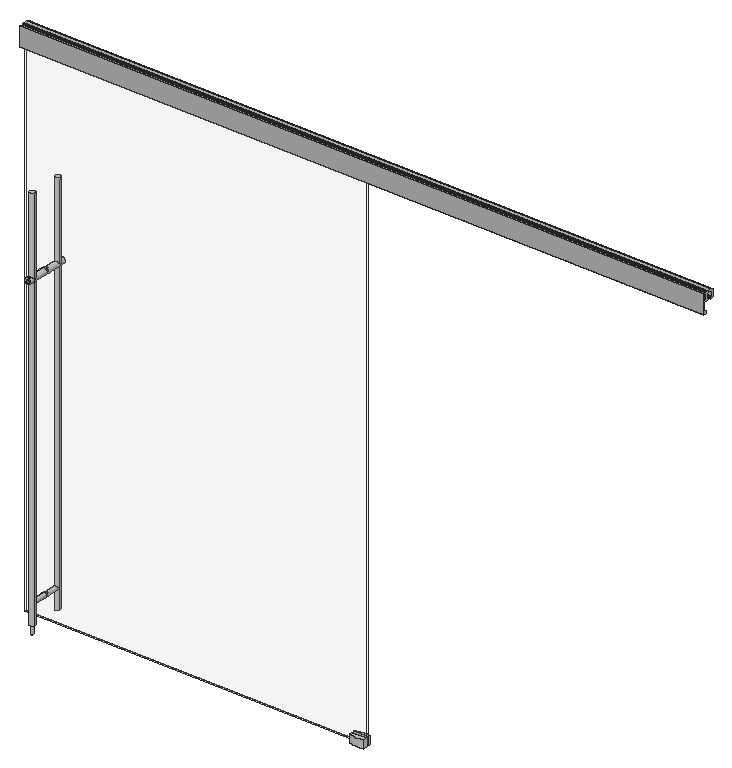
Revit family "Doors_Sliding_Avanti_Systems_Cloud-Assisted-Close-Premium-Sliding-Glass-Door_Solid-Wall", category Doors, host Wall, Revit 2015
Parameters (values of type "Load Family Type Catalog")
  Youtube clip = ""
  Weight Net (Kg) = "0"
  Warranty = "1 year"  # constant formula
  Uniformat II Description = "Interior Doors"
  Uniformat II Code = "C1020"
  Uniclass 2015 Name = "Sliding door and partition sets"
  Uniclass 2015 Code = "Pr_30_59_24_80"
  Uniclass 2.0 Description = "Sliding Door And Partition Sets"
  Uniclass 2.0 Code = "PR-59-23-77"
  Uniclass 1.4 Description = "Doors"
  Uniclass 1.4 Code = "JL20"
  URL = "www.avantisystemsusa.com"
  UNSPSC Code = "30171501"
  Type = 2
  Thickness = if(Type = 1, 1/2", if(Type = 2, 3/8", if(Type = 3, 9/16", 9/16")))  # 3/8"
  Technical description = ""
  Sound Rating = 0
  Region South America = "All"
  Region Oceania = "All"
  Region North America = "All"
  Region Middle East = "All"
  Region Europe = "All"
  Region Asia = "All"
  Region Antarctica = "All"
  Region Africa = "All"
  Rail material [instance] = Polyester powder - Avanti - White aluminium METALLIC - RAL9006
  Rail Length [instance] = (Door Width + 3") * 2  # 106"
  QR code = "http://bimobject.com/avantisystems/product/avanti-cloud-assisted-close"
  Product url = "https://www.avantisystemsusa.com/glass-products/doors/sliding-doors/assisted-close/"
  Product group = "Assisted Close"
  Product family = "Sliding Doors"
  Product data url = "https://bimobject.com/avantisystems/product/avanti-cloud-assisted-close"
  Product certification = ""
  Product SKU = "avanti-cloud-assisted-close"
  Product Guid = "9d9dc9e6-079c-47eb-8ec1-d69015d0589f"
  OmniClass Description = "Sliding All Glass Doors"
  OmniClass Code = "23-17 11 23 13"
  Offset from wall = 5/8"  # constant formula
  Nominal width = 0"
  Nominal height = 0"
  NBS Reference Description = "Sliding Door And Partition Sets"
  NBS Reference Code = "59-23-77"
  Model = "Cloud ™ Assisted Close Premium Sliding Glass Door"  # constant formula
  Material secondary = "Aluminium"
  Material main = "Glass"
  Masterformat 2014 Description = "Sliding Aluminum-Framed Glass Doors"
  Masterformat 2014 Code = "08 32 13"
  Manufacturer name = "Avanti Systems"
  Manufacturer country = ""
  Manufacturer = "Avanti Systems USA"  # constant formula
  Ladder Pull Height [instance] = 18"
  Installation instructions = ""
  IFC Classification = "Door"
  Hardware material [instance] = Stainless Steel - Avanti- Brushed Finish
  Handle type [instance] = Handle : 60" Ladder Pull
  Glazing = "Safety Glazing SGCC"  # constant formula
  Glass_Panel_Thickness = if(Type = 1, 1/2", if(Type = 2, 3/8", 9/16"))  # 3/8"
  Glass material = Glass - Avanti - Laminated Glass
  Glass Width [instance] = 53"
  Glass Marker = yes
  Glass Height [instance] = 79.98642"
  Function = Interior
  Frame Projection Ext. = 0.98425"
  Frame Projection Int. = 0.98425"
  Frame Width = 2.95276"
  Height = 78.74016"
  Wall Closure = By host
  Width = 39.37008"
  Edition number = 1
  EAN code = ""
  Door Width [instance] = 50"
  Door Height [instance] = 82"
  Design country = "United States"
  Description = "Premium automated interior sliding glass door which can be integrated int the Solare Single Glazed, Solare Double Glazed, Elite Frree standing and a solid traditional wall."  # constant formula
  Date of publishing = ""
  Clear Anodic Finish = "AAMA 611, AA-M12c22A31, Class II, 0.01mm or thicker"  # constant formula
  COBIe Type Category = ""
  Brand url = "http://www.avantisystemsusa.com/"
  BIMobject main category code = "doors"
  BIMobject main category = "Doors"
  BIMobject category code = "doors-sliding"
  BIMobject category = "Sliding"
  Analytic Construction = "<None>"
Reference planes (in)
  plane 1: y = 0
  plane 2 "Center (Left/Right)": x = 0
  plane 3 "Left": x = -25
  plane 4 "Right": x = 25
  plane 5: z = 82
  plane 6 "Exterior": y = 2.95276
  plane 7 "Interior": y = -2.95276
  plane 8: x = 26.5
  plane 9: x = -26.5
  plane 10 "Door back": y = -3.39026
  plane 11 "Door center": y = -3.57776
  plane 12: y = -3.76526
  plane 13 "Handle": x = -23.5
  plane 14: z = 0.1875
  plane 15: z = 80.17392
  plane 16: x = 79.5
  plane 17: x = -21.25
  plane 18: x = 21.25
  plane 19: z = 18
  plane 20: z = 41
Forms (in)
  Extrusion 1, solid, material "Glass - Avanti - Laminated Glass" <- "Glass material"
    sketch origin (0, 0, 0) x (1, 0, 0) y (0, 1, 0)
      loop
        line (-26.5, -3.39026) -> (-26.5, -3.76526) -> (26.5, -3.76526) -> (26.5, -3.39026) -> (-26.5, -3.39026)
    from 0.1875 to 80.17392
  Sweep 2, solid, material "Polyester powder - Avanti - White aluminium METALLIC - RAL9006" <- "Rail material"
    path origin (0, -2.95276, 0) x (1, 0, 0) y (0, 0, 1)
      loop
        line (-26.5, 82) -> (79.5, 82)
    profile origin (26.5, -2.95276, 82) x (0, 0, 1) y (0, -1, 0)
      loop
        line (-0.11928, 0) -> (-0.11928, 0.11283) -> (0, 0.11283) -> (0, 0.17168) -> (-0.21219, 0.17168) -> (-0.17065, 0.30764) -> (0, 0.36785) -> (0, 0.92758) -> (-0.13574, 0.97548) -> (-0.19467, 1.16822) -> (0, 1.16822) -> (0, 1.22708) -> (-0.11743, 1.22708) -> (-0.11743, 1.70177) -> (-3.00502, 1.70177) -> (-3.00502, 1.30943) -> (-2.57348, 1.30943) -> (-2.57348, 1.4389) -> (-2.94617, 1.4389) -> (-2.94617, 1.64292) -> (-1.29473, 1.64292) -> (-1.29473, 0.92909) -> (-1.22214, 0.86056) -> (-1.1508, 0.86056) -> (-1.19742, 0.92473) -> (-1.15232, 1.08205) -> (-1.00987, 1.20158) -> (-0.33616, 1.20158) -> (-0.25109, 0.92333) -> (-0.2834, 0.89213) -> (-0.26972, 0.84104) -> (-0.14516, 0.84104) -> (-0.14516, 0.40863) -> (-0.26972, 0.40863) -> (-0.2834, 0.35754) -> (-0.25109, 0.32634) -> (-0.32536, 0.08341) -> (-1.05211, 0.08341) -> (-1.15227, 0.16745) -> (-1.19743, 0.32494) -> (-1.15087, 0.38903) -> (-1.22615, 0.38903) -> (-1.29473, 0.32045) -> (-1.29473, 0) -> (-0.11928, 0)
      loop
        line (-0.17235, 1.33105) -> (-0.17235, 1.64292) -> (-1.09311, 1.64292) -> (-1.09311, 1.33105) -> (-0.17235, 1.33105)
Lines and regions (in)
  Opening 1
    outline origin (-120.07874, -2.95276, 0) x (1, 0, 0) y (0, 0, 1)
      loop
        line (95.07874, 0) -> (145.07874, 0) -> (145.07874, 80.17392) -> (95.07874, 80.17392) -> (95.07874, 0)
  symbolic lines, style "0", detail levels medium+fine
    curve 1: circle (-23.5, -1.11635, 0) r 0.39445 normal (0, 0, 1)
    curve 2: line (-23.81001, -1.36025, 0) -> (-23.81001, -3.39026, 0)
    curve 3: line (-23.18699, -1.35638, 0) -> (-23.18699, -3.39026, 0)
    curve 7: circle (-23.5, -6.03916, 0) r 0.39445 normal (0, 0, -1)
    curve 8: line (-23.81001, -5.79526, 0) -> (-23.81001, -3.76526, 0)
    curve 9: line (-23.18699, -5.79913, 0) -> (-23.18699, -3.76526, 0)
  symbolic lines, style "0", not visible, detail levels medium+fine
    curve 4: circle (20.74894, 4.89891, -0.1875) r 0.39445 normal (0, 0, 1)
    curve 5: line (20.43894, 4.65501, -0.1875) -> (20.43894, 2.625, -0.1875)
    curve 6: line (21.06195, 4.65887, -0.1875) -> (21.06195, 2.625, -0.1875)
  symbolic lines, style "0"
    curve 10: line (0, -3.39026, 0.1875) -> (0, -3.39026, 80.17392)
    curve 11: line (0, -3.39026, 80.17392) -> (0, -3.76526, 80.17392)
    curve 12: line (0, -3.76526, 80.17392) -> (0, -3.76526, 0.1875)
    curve 13: line (-26.5, -3.39026, 0) -> (26.5, -3.39026, 0)
    curve 14: line (-26.5, -3.76526, 0) -> (26.5, -3.76526, 0)
    curve 15: line (26.5, -3.39026, 0) -> (26.5, -3.76526, 0)
    curve 16: line (-26.5, -3.39026, 0) -> (-26.5, -3.76526, 0)
    curve 17: line (24.25414, -4.15234, 0) -> (24.25414, -3.04008, 0)
    curve 18: line (26.5, -4.15234, 0) -> (26.5, -3.04487, 0)
    curve 19: circle (24.51717, -3.57776, 0) r 0.22256 normal (0, 0, 1)
    curve 20: circle (24.51717, -3.57776, 0) r 0.13151 normal (0, 0, 1)
    curve 21: circle (26.23697, -3.57776, 0) r 0.22256 normal (0, 0, 1)
    curve 22: circle (26.23697, -3.57776, 0) r 0.13151 normal (0, 0, 1)
    curve 23: arc (25.84199, -3.95207, 0) -> (25.97394, -3.57776, 0) -> (25.84199, -3.20345, 0) r 0.59687
    curve 24: arc (24.91215, -3.20345, 0) -> (24.7802, -3.57776, 0) -> (24.91215, -3.95207, 0) r 0.59687
    curve 25: arc (26.5, -3.04487, 0) -> (25.37747, -2.85348, 0) -> (24.25414, -3.04008, 0) r 3.43052
    curve 26: line (26.5, -3.20345, 0) -> (24.25414, -3.20345, 0)
    curve 27: line (26.5, -3.95207, 0) -> (24.25414, -3.95207, 0)
    curve 28: arc (26.5, -4.15234, 0) -> (25.37707, -4.35467, 0) -> (24.25414, -4.15234, 0) r 3.2173
  symbolic lines, style "0", not visible
    curve 29: line (-11.39483, 5.74957, 0) -> (-11.39483, 4.63731, 0)
    curve 30: line (-13.64069, 5.74957, 0) -> (-13.64069, 4.6421, 0)
    curve 31: circle (-11.65786, 5.17499, 0) r 0.22256 normal (0, 0, 1)
    curve 32: circle (-11.65786, 5.17499, 0) r 0.13151 normal (0, 0, 1)
    curve 33: circle (-13.37767, 5.17499, 0) r 0.22256 normal (0, 0, 1)
    curve 34: circle (-13.37767, 5.17499, 0) r 0.13151 normal (0, 0, 1)
    curve 35: arc (-12.98268, 5.5493, 0) -> (-13.11464, 5.17499, 0) -> (-12.98268, 4.80068, 0) r 0.59687
    curve 36: arc (-12.05285, 4.80068, 0) -> (-11.92089, 5.17499, 0) -> (-12.05285, 5.5493, 0) r 0.59687
    curve 37: arc (-13.64069, 4.6421, 0) -> (-12.51817, 4.45071, 0) -> (-11.39483, 4.63731, 0) r 3.43052
    curve 38: line (-13.64069, 4.80068, 0) -> (-11.39483, 4.80068, 0)
    curve 39: line (-13.64069, 5.5493, 0) -> (-11.39483, 5.5493, 0)
    curve 40: arc (-13.64069, 5.74957, 0) -> (-12.51776, 5.9519, 0) -> (-11.39483, 5.74957, 0) r 3.2173
  symbolic lines, visible <- "Glass Marker"
    curve 41: line (-2.82843, -0.24998, 38.17157) -> (2.82843, -0.24998, 43.82843)
    curve 42: line (0, -0.24998, 39.15204) -> (1.84796, -0.24998, 41)
    curve 43: line (-1.84796, -0.24998, 41) -> (0, -0.24998, 42.84796)
  symbolic lines, not visible
    curve 44: line (-1.84796, 0.25002, 41) -> (1.84796, 0.25002, 41)
    curve 49: line (-1.84534, 0.25002, 22.66367) -> (1.85057, 0.25002, 22.66367)
    curve 54: line (-23.81001, -3.39026, 0) -> (-23.40278, -3.39026, 0)
    curve 55: line (20.43894, 2.625, -0.1875) -> (20.84616, 2.625, -0.1875)
    curve 56: line (-23.81001, -3.76526, 0) -> (-23.40278, -3.76526, 0)
    curve 57: line (24.38565, -3.57776, 0) -> (24.53904, -3.57776, 0)
    curve 58: line (-11.52635, 5.17499, 0) -> (-11.67973, 5.17499, 0)
  model lines, not visible
    curve 45: line (0, 0.25002, 39.15204) -> (0, 0.25002, 42.84796)
    curve 50: line (0.00262, 0.25002, 20.81572) -> (0.00262, 0.25002, 24.51163)
    curve 51: line (-23.5, -2.71454, 0) -> (-23.5, -2.40373, 0)
    curve 52: line (20.74894, 3.30071, -0.1875) -> (20.74894, 3.61153, -0.1875)
    curve 53: line (-23.5, -4.44097, 0) -> (-23.5, -4.75179, 0)
  symbolic lines, visible <- "Glass Marker", not visible
    curve 46: line (-2.82581, -0.24998, 19.83525) -> (2.83104, -0.24998, 25.4921)
    curve 47: line (0.00262, -0.24998, 20.81572) -> (1.85057, -0.24998, 22.66367)
    curve 48: line (-1.84534, -0.24998, 22.66367) -> (0.00262, -0.24998, 24.51163)
Text (in)
  text "Exterior" at (-90.35496, 43.28909, 0), in view "Ref. Level"
  text "Exterior" at (0, 63.59764, 145.59372), in view "Left"
  text "Exterior" at (0, 40.78868, 152.55637), in view "Right"
Dimensions and locks (in)
  equal spacing: plane 3 "Left", plane 2 "Center (Left/Right)", plane 4 "Right"
  "Door Width": plane 3 "Left" to plane 4 "Right"
  "Door Height": plane 5 to host wall
  host wall to plane 5 = 82"  (x2)
  locked: plane 6 "Exterior" to host wall at 0
  locked: plane 7 "Interior" to host wall
  locked: plane 4 "Right" to plane 8 at 1.5
  locked: plane 9 to plane 3 "Left" at 1.5
  equal spacing: plane 10 "Door back", plane 11 "Door center", plane 12
  "Glass_Panel_Thickness": plane 10 "Door back" to plane 12
  "Offset from wall": plane 11 "Door center" to plane 7 "Interior"
  plane 14 to level = 3/16"
  locked: plane 5 to plane 15 at 1.82608
  "Rail Length": plane 9 to plane 16
  locked: plane 9 to plane 17 at 5.25
  locked: plane 18 to plane 8 at 5.25
  "Ladder Pull Height": plane 19 to level
  plane 10 "Door back" to plane 12 = 3/8"  (x2)
  locked: plane 9 to plane 13 "Handle" at 3
  equal spacing: plane 5, plane 20, level
  locked: nested 6 to curve 44 at 7
  "Glass Width": plane 9 to plane 8
  "Glass Height": plane 15 to plane 14
  aligned and locked: plane 3 "Left" to Opening 1 sketch curve
  aligned and locked: Opening 1 sketch curve to plane 4 "Right"
  aligned and locked: Opening 1 sketch curve to level
  aligned and locked: plane 1 to host wall
  aligned and locked: Extrusion 1 sketch curve to plane 9
  aligned and locked: Extrusion 1 sketch curve to plane 10 "Door back"
  aligned and locked: Extrusion 1 sketch curve to plane 12
  aligned and locked: nested 1 to plane 5
  aligned and locked: Extrusion 1 to plane 14
  aligned and locked: plane 5 to Sweep 2 sketch curve
  aligned and locked: plane 9 to Sweep 2 sketch curve
  aligned and locked: plane 15 to Extrusion 1
  aligned and locked: plane 16 to Sweep 2 sketch curve
  aligned and locked: nested 2 to nested 1
  aligned and locked: nested 2 to plane 11 "Door center"
  aligned and locked: nested 2 to plane 17
  aligned and locked: nested 3 to plane 18
  aligned and locked: nested 3 to nested 2
  aligned and locked: plane 11 "Door center" to nested 3
  aligned and locked: plane 9 to Extrusion 1
  aligned and locked: Extrusion 1 to plane 10 "Door back"
  aligned and locked: Extrusion 1 to plane 12
  aligned and locked: curve 10 to Extrusion 1
  aligned and locked: curve 11 to Extrusion 1
  aligned and locked: curve 12 to Extrusion 1
  aligned and locked: plane 15 to curve 12
  aligned and locked: Extrusion 1 to plane 8
  aligned and locked: Opening 1 sketch curve to plane 15
  aligned and locked: curve 18 to plane 8
  aligned and locked: nested 4 to plane 8
  aligned and locked: nested 4 to plane 12
  aligned and locked: curve 45 to plane 2 "Center (Left/Right)"
  aligned and locked: plane 20 to curve 44
  aligned and locked: plane 11 "Door center" to nested 1
  aligned and locked: Sweep 2 sketch curve to profile plane
  aligned and locked: plane 2 "Center (Left/Right)" to nested 5
  aligned and locked: nested 6 to plane 2 "Center (Left/Right)"
  aligned and locked: curve 51 to plane 13 "Handle"
  aligned and locked: plane 13 "Handle" to curve 53
  aligned and locked: curve 54 to plane 10 "Door back"
  aligned and locked: curve 56 to plane 12
  aligned and locked: nested 4 to plane 11 "Door center"
  aligned and locked: curve 57 to plane 11 "Door center"
  aligned and locked: level to nested 7
  aligned and locked: plane 12 to nested 7
  aligned and locked: plane 13 "Handle" to nested 7
Automatic sketch dimensions
  profile plane to Sweep 2 sketch curve = 0"  (x3)
  profile plane to Sweep 2 sketch curve = 0.11743"
  profile plane to Sweep 2 sketch curve = 0.11928"
  profile plane to Sweep 2 sketch curve = 0.13574"
  Sweep 2 sketch curve to Sweep 2 sketch curve = 0.00942"
  Sweep 2 sketch curve to Sweep 2 sketch curve = 0.02549"
  Sweep 2 sketch curve to Sweep 2 sketch curve = 0.05492"
  Sweep 2 sketch curve to Sweep 2 sketch curve = 0.07724"
  Sweep 2 sketch curve to Sweep 2 sketch curve = 0.09291"
  Sweep 2 sketch curve to Sweep 2 sketch curve = 0.08044"
  Sweep 2 sketch curve to Sweep 2 sketch curve = 0.11535"
  Sweep 2 sketch curve to Sweep 2 sketch curve = 0.01863"  (x2)
  Sweep 2 sketch curve to Sweep 2 sketch curve = 0.03231"  (x2)
  Sweep 2 sketch curve to Sweep 2 sketch curve = 0.11316"
  Sweep 2 sketch curve to Sweep 2 sketch curve = 0.14149"
  Sweep 2 sketch curve to Sweep 2 sketch curve = 0.67371"
  Sweep 2 sketch curve to Sweep 2 sketch curve = 0.08324"
  Sweep 2 sketch curve to Sweep 2 sketch curve = 0.14093"
  plane 7 "Interior" to Sweep 2 sketch curve = 0.38903"
  Sweep 2 sketch curve to Sweep 2 sketch curve = 0.00006"
  plane 7 "Interior" to Sweep 2 sketch curve = 0.16745"
  Sweep 2 sketch curve to Sweep 2 sketch curve = 0.00141"
  Sweep 2 sketch curve to Sweep 2 sketch curve = 0.14245"
  Sweep 2 sketch curve to Sweep 2 sketch curve = 0.04662"
  plane 7 "Interior" to Sweep 2 sketch curve = 0.32494"
  Sweep 2 sketch curve to Sweep 2 sketch curve = 0.04656"
  Sweep 2 sketch curve to Sweep 2 sketch curve = 0.02472"
  Sweep 2 sketch curve to Sweep 2 sketch curve = 0.02873"
  Sweep 2 sketch curve to Sweep 2 sketch curve = 0.20162"
  plane 7 "Interior" to Sweep 2 sketch curve = 0.32045"
  Sweep 2 sketch curve to Sweep 2 sketch curve = 0.06857"
  Sweep 2 sketch curve to Sweep 2 sketch curve = 1.27875"
  Sweep 2 sketch curve to Sweep 2 sketch curve = 0.37269"
  Sweep 2 sketch curve to Sweep 2 sketch curve = 0.05885"  (x3)
  plane 7 "Interior" to Sweep 2 sketch curve = 0.11283"
  Sweep 2 sketch curve to Sweep 2 sketch curve = 0.13595"
  Sweep 2 sketch curve to Sweep 2 sketch curve = 0.0187"
  Sweep 2 sketch curve to Sweep 2 sketch curve = 0.0312"  (x2)
  Sweep 2 sketch curve to Sweep 2 sketch curve = 0.06021"
  Sweep 2 sketch curve to Sweep 2 sketch curve = 0.05109"  (x2)
  Sweep 2 sketch curve to Sweep 2 sketch curve = 0.4324"
  Sweep 2 sketch curve to Sweep 2 sketch curve = 0.47153"
  Sweep 2 sketch curve to Sweep 2 sketch curve = 0.06417"
  Sweep 2 sketch curve to Sweep 2 sketch curve = 0.08654"
  Sweep 2 sketch curve to Sweep 2 sketch curve = 0.00436"
  Sweep 2 sketch curve to Sweep 2 sketch curve = 0.05215"
  Sweep 2 sketch curve to Sweep 2 sketch curve = 0.15732"
  Sweep 2 sketch curve to Sweep 2 sketch curve = 0.19274"
  Sweep 2 sketch curve to Sweep 2 sketch curve = 0.11952"
  Sweep 2 sketch curve to Sweep 2 sketch curve = 0.05886"
  plane 7 "Interior" to Sweep 2 sketch curve = 1.30943"
  Sweep 2 sketch curve to Sweep 2 sketch curve = 0.10397"
  Sweep 2 sketch curve to Sweep 2 sketch curve = 0.12946"
  Sweep 2 sketch curve to Sweep 2 sketch curve = 0.31188"
  Sweep 2 sketch curve to Sweep 2 sketch curve = 0"
  Sweep 2 sketch curve to Sweep 2 sketch curve = 0.10016"
  plane 7 "Interior" to Sweep 2 sketch curve = 0.08341"
  Extrusion 1 sketch curve to plane 4 "Right" = 1 1/2"
  curve 16 to plane 12 = 0"
  curve 13 to plane 10 "Door back" = 0"
  curve 10 to plane 14 = 0"
  curve 12 to plane 14 = 0"
  curve 14 to plane 8 = 0"
  curve 16 to plane 9 = 0"
  curve 51 to curve 1 = 0"
  curve 54 to curve 51 = 0.31001"
  curve 2 to curve 54 = 0.40722"
  curve 54 to curve 3 = 0.21579"
  curve 3 to curve 1 = 0.24003"
  curve 51 to curve 2 = 1.04348"
  curve 51 to curve 51 = 0.31082"
  curve 54 to curve 51 = 0.67571"
  curve 54 to curve 3 = 0"
  curve 52 to curve 4 = 0"
  curve 55 to curve 52 = 0.31001"
  curve 5 to curve 55 = 0.40722"
  curve 55 to curve 6 = 0.21579"
  curve 6 to curve 4 = 0.24003"
  curve 52 to curve 5 = 1.04348"
  curve 52 to curve 52 = 0.31082"
  curve 55 to curve 52 = 0.67571"
  curve 55 to curve 6 = 0"
  curve 53 to curve 7 = 0"
  curve 56 to curve 53 = 0.31001"
  curve 8 to curve 56 = 0.40722"
  curve 56 to curve 9 = 0.21579"
  curve 7 to curve 9 = 0.24003"
  curve 8 to curve 53 = 1.04348"
  curve 53 to curve 53 = 0.31082"
  curve 53 to curve 56 = 0.67571"
  curve 56 to curve 9 = 0"
  curve 19 to curve 20 = 0"  (x4)
  curve 21 to curve 22 = 0"  (x4)
  curve 23 to curve 24 = 0"  (x4)
  curve 26 to curve 22 = 0.26303"
  curve 21 to curve 24 = 0.8599"
  curve 18 to curve 28 = 1.12293"
  curve 28 to curve 25 = 1.12984"
  curve 23 to curve 20 = 0.8599"
  curve 19 to curve 17 = 0.26303"
  curve 28 to curve 17 = 1.90271"
  curve 17 to curve 18 = 0.00479"
  curve 25 to curve 22 = 0.53289"
  curve 24 to curve 21 = 0"
  curve 17 to curve 20 = 0.53768"
  curve 21 to curve 18 = 0.57458"
  curve 21 to curve 23 = 0.39498"  (x2)
  curve 24 to curve 19 = 0.39498"
  curve 57 to curve 19 = 0.02187"
  curve 19 to curve 57 = 0.13151"
  curve 25 to curve 26 = 0.15858"
  curve 57 to curve 19 = 0"
  curve 31 to curve 32 = 0"  (x4)
  curve 33 to curve 34 = 0"  (x4)
  curve 35 to curve 36 = 0"  (x4)
  curve 38 to curve 34 = 0.26303"
  curve 33 to curve 36 = 0.8599"
  curve 30 to curve 40 = 1.12293"
  curve 40 to curve 37 = 1.12984"
  curve 35 to curve 32 = 0.8599"
  curve 31 to curve 29 = 0.26303"
  curve 40 to curve 29 = 1.90271"
  curve 29 to curve 30 = 0.00479"
  curve 37 to curve 34 = 0.53289"
  curve 36 to curve 33 = 0"
  curve 29 to curve 32 = 0.53768"
  curve 33 to curve 30 = 0.57458"
  curve 33 to curve 35 = 0.39498"  (x2)
  curve 36 to curve 31 = 0.39498"
  curve 58 to curve 31 = 0.02187"
  curve 31 to curve 58 = 0.13151"
  curve 37 to curve 38 = 0.15858"
  curve 58 to curve 31 = 0"
  radius of curve 19 = 0.22256"
  radius of curve 21 = 0.22256"
  radius of curve 22 = 0.13151"
  radius of curve 31 = 0.22256"
  radius of curve 33 = 0.22256"
  radius of curve 34 = 0.13151"
Nested families (in)
  nested 1: "Trolley" at (0, -3.57776, 82) x (0, -1, 0) z (1, 0, 0), type "Trolley_section"
    with Thickness 3/8", Side width 0.22461"
  nested 2: "Sidelite Transom Fitting" at (-21.25, -3.57776, 79.17435), type "Sidelite Transom Fitting"
    with Thickness 3/8", Side Width 0.22461"
  nested 3: "Sidelite Transom Fitting" at (21.25, -3.57776, 79.17435) x (-1, 0, 0) z (0, 0, 1), type "Sidelite Transom Fitting"
    with Thickness 3/8", Side Width 0.22461"
  nested 4: "Right Bumper" at (24.25414, -4.39492, 0), Handle and assembly material <- "Hardware material", type "Right Bumper"
    with Handle and assembly material Stainless Steel - Avanti- Brushed Finish, Thickness 3/8"
  nested 5: "Arrow" at (0, -1.07776, 0) x (-1, 0, 0) z (0, 0, 1), type "arrow"
  nested 6: "Arrow" at (0, 2.95276, 48) x (-1, 0, 0) z (0, -1, 0), type "arrow"
  nested 7: "Handle" at (-21.875, -2.01526, 38) x (-1, 0, 0) z (0, 1, 0), type <- "Handle type", type "60" Ladder Pull", detail levels medium+fine
    with Locker yes, Thickness 3/8"
Definition of nested family "Sidelite Transom Fitting"
  Parameters (values of type "Sidelite Transom Fitting")
    Thickness = 1/2"
    Side Width = (211/256" - Thickness) / 2  # 0.16211"
    Material = none
  Reference planes (in)
    plane 1 "Center (Front/Back)": y = 0
    plane 2: z = 0
    plane 3 "Center (Left/Right)": x = 0
  Forms (in)
    Revolve 1, solid, material <- "Material"
      sketch origin (0, 0, 2.82565) x (0, 1, 0) y (0, 0, 1)
        loop
          line (-0.45453, -0.75278) -> (-0.2116, -0.75278) -> (-0.2116, -0.40613) -> (-0.29006, -0.32767) -> (-0.34034, -0.32767) -> (-0.45453, -0.37648) -> (-0.45453, -0.75278)
        axis (-0.45453, -0.75278) -> (-0.2116, -0.75278)
      angle from 0 to 360
    Revolve 2, solid, material <- "Material"
      sketch origin (0, 0, 2.82565) x (0, -1, 0) y (0, 0, -1)
        loop
          line (-0.45453, 0.75278) -> (-0.45453, 0.37648) -> (-0.34034, 0.32767) -> (-0.29006, 0.32767) -> (-0.2116, 0.40613) -> (-0.2116, 0.75278) -> (-0.45453, 0.75278)
        axis (-0.45453, 0.75278) -> (-0.2116, 0.75278)
      angle from 0 to 360
    Revolve 3, solid, material <- "Material"
      sketch origin (0, 0, 2.82565) x (0, 1, 0) y (0, 0, 1)
        loop
          line (0, -0.26792) -> (0, -1.78574) -> (0.26651, -1.78574) -> (0.26651, -1.632) -> (0.15099, -1.632) -> (0.15099, -1.34693) -> (0.19488, -1.34693) -> (0.19488, -0.61026) -> (0.29006, -0.61026) -> (0.29006, -0.5191) -> (0.16124, -0.5191) -> (0.16124, -0.27074) -> (0, -0.26792)
        axis (0, -0.26792) -> (0, -1.78574)
      angle from 0 to 360
    Extrusion 4, solid, material <- "Material"
      sketch origin (0, 0, 2.82565) x (0, 1, 0) y (0, 0, 1)
        loop
          line (-0.33427, -1.82608) -> (-0.41211, -1.82608) -> (-0.41211, -2.82565) -> (-0.25, -2.82565) -> (-0.25, -1.82497) -> (0.25, -1.82497) -> (0.25, -2.82565) -> (0.41211, -2.82565) -> (0.41211, -1.82497) -> (0.3052, -1.82497) -> (0.3052, -1.78574) -> (-0.33427, -1.78574) -> (-0.33427, -1.82608)
      from -2.0625 to 2.0625
  Dimensions and locks (in)
    "Side Width": Extrusion 4 to Extrusion 4  (x2)
    locked: Extrusion 4 to plane 1 "Center (Front/Back)" at 0.41211
    aligned and locked: level to plane 2
  Automatic sketch dimensions
    plane 1 "Center (Front/Back)" to Revolve 1 sketch curve = 0.45453"
    Revolve 1 sketch curve to Revolve 1 sketch curve = 0.1142"
    Revolve 1 sketch curve to Revolve 1 sketch curve = 0.05027"
    Revolve 1 sketch curve to Revolve 1 sketch curve = 0.07847"
    level to Revolve 1 sketch curve = 2.07286"
    Revolve 1 sketch curve to Revolve 1 sketch curve = 0.34665"
    Revolve 1 sketch curve to Revolve 1 sketch curve = 0.02966"
    Revolve 1 sketch curve to Revolve 1 sketch curve = 0.04881"
    Revolve 1 sketch curve to Revolve 1 sketch curve = 0"  (x3)
    Revolve 2 sketch curve to plane 1 "Center (Front/Back)" = 0.45453"
    Revolve 2 sketch curve to Revolve 2 sketch curve = 0.1142"
    Revolve 2 sketch curve to Revolve 2 sketch curve = 0.05027"
    Revolve 2 sketch curve to Revolve 2 sketch curve = 0.07847"  (x2)
    level to Revolve 2 sketch curve = 2.49798"
    Revolve 2 sketch curve to Revolve 2 sketch curve = 0.04881"
    Revolve 2 sketch curve to Revolve 2 sketch curve = 0.34665"
    Revolve 2 sketch curve to Revolve 2 sketch curve = 0"  (x3)
    Revolve 3 sketch curve to plane 1 "Center (Front/Back)" = 0"  (x2)
    Revolve 3 sketch curve to plane 1 "Center (Front/Back)" = 0.15099"
    Revolve 3 sketch curve to plane 1 "Center (Front/Back)" = 0.16124"
    Revolve 3 sketch curve to Revolve 3 sketch curve = 0.04389"
    Revolve 3 sketch curve to Revolve 3 sketch curve = 0.11551"
    Revolve 3 sketch curve to Revolve 3 sketch curve = 0.09519"
    level to Revolve 3 sketch curve = 1.03991"
    Revolve 3 sketch curve to Revolve 3 sketch curve = 0.15374"
    Revolve 3 sketch curve to Revolve 3 sketch curve = 0.28507"
    Revolve 3 sketch curve to Revolve 3 sketch curve = 0.73667"
    Revolve 3 sketch curve to Revolve 3 sketch curve = 0.09116"
    Revolve 3 sketch curve to Revolve 3 sketch curve = 0.24836"
    Revolve 3 sketch curve to Revolve 3 sketch curve = 0.00282"
    Revolve 3 sketch curve to level = 75.91451"
    Revolve 3 sketch curve to Revolve 3 sketch curve = 79.00808"
    Extrusion 4 sketch curve to level = 0"  (x2)
    plane 1 "Center (Front/Back)" to Extrusion 4 sketch curve = 0.41211"
    Extrusion 4 sketch curve to Extrusion 4 sketch curve = 0.07784"
    Extrusion 4 sketch curve to Extrusion 4 sketch curve = 0.16211"  (x2)
    Extrusion 4 sketch curve to plane 1 "Center (Front/Back)" = 1/4"
    Extrusion 4 sketch curve to Extrusion 4 sketch curve = 0.0552"
    level to Extrusion 4 sketch curve = 0.99957"
    Extrusion 4 sketch curve to Extrusion 4 sketch curve = 0.00111"
    Extrusion 4 sketch curve to Extrusion 4 sketch curve = 0"
    Extrusion 4 sketch curve to Extrusion 4 sketch curve = 0.04034"
Definition of nested family "Right Bumper"
  Parameters (values of type "Right Bumper")
    Thickness = 1/2"
    Handle and assembly material [instance] = none
  Reference planes (in)
    plane 1 "Center (Front/Back)": y = 0
    plane 2: z = 0
    plane 3 "Center (Left/Right)": x = 0
    plane 4: y = 1.00466
    plane 5: y = 0.50466
    plane 6: y = 0.75466
  Forms (in)
    Extrusion 1, solid, material <- "Handle and assembly material"
      sketch origin (17.01409, -1.58518, 0) x (1, 0, 0) y (0, 1, 0)
        loop
          arc (-17.01409, 1.7614) -> (-15.89116, 1.56293) -> (-14.76823, 1.7614) r 3.27594
          line (-14.76823, 1.7614) -> (-14.76823, 2.85578)
          arc (-14.76823, 2.85578) -> (-15.89116, 3.06035) -> (-17.01409, 2.85578) r 3.18437
          line (-17.01409, 2.85578) -> (-17.01409, 1.7614)
      from 0 to 1.21575
    Extrusion 2, void
      sketch origin (20.26303, -1.58518, 0) x (0, 1, 0) y (0, 0, 1)
        loop
          line (2.58984, 1.21575) -> (2.08984, 1.21575) -> (2.08984, 0.15191) -> (2.58984, 0.15191) -> (2.58984, 1.21575)
      from -20.26303 to -18.01717
  Cuts and joins
    Extrusion 2 cuts Extrusion 1
  Dimensions and locks (in)
    "Thickness": plane 4 to plane 5
    equal spacing: plane 5, plane 6, plane 4
    locked: cut or joined group of Extrusion 1, Extrusion 2 to cut or joined group of Extrusion 1, Extrusion 2 at 1.09438
    aligned and locked: level to plane 2
    aligned and locked: Extrusion 1 to Extrusion 2 sketch curve
    aligned and locked: cut or joined group of Extrusion 1, Extrusion 2 to plane 4
    aligned and locked: plane 5 to cut or joined group of Extrusion 1, Extrusion 2
  Automatic sketch dimensions
    Extrusion 1 sketch curve to plane 3 "Center (Left/Right)" = 0"
    plane 3 "Center (Left/Right)" to Extrusion 1 sketch curve = 1.12293"  (x2)
    Extrusion 1 sketch curve to plane 4 = 0.26594"
    Extrusion 1 sketch curve to Extrusion 1 sketch curve = 2.24586"
    Extrusion 1 sketch curve to plane 1 "Center (Front/Back)" = 0.17622"
    plane 1 "Center (Front/Back)" to Extrusion 1 sketch curve = 1.70921"
    Extrusion 1 sketch curve to plane 4 = 2.24903"
    Extrusion 2 sketch curve to plane 5 = 0"
    Extrusion 2 sketch curve to plane 4 = 0"
    level to Extrusion 2 sketch curve = 0.15191"
Definition of nested family "Handle"
  Parameters (values of type "48" Ladder Pull")
    Width = 54.28299"
    Type = 3
    Ladder Pool Height = 18"
    Ladder 60" = if(Type = 5, 1 = 1, 1 = 0)  # no
    Ladder = if(Type = 3, 1 = 1, 1 = 0)  # yes
    Thickness = 1/2"
    Panic hardware = if(Type = 4, 1 = 1, 1 = 0)  # no
    Material = none
    Locker [instance] = yes
    Height = 90 9/16"
    Glass door = if(Type = 2, 1 = 1, 1 = 0)  # no
    Framed door = if(Type = 1, 1 = 1, 1 = 0)  # no
    Default Elevation = 48"
  Types (2): name | Type | Ladder 60" | Ladder
    60" Ladder Pull | 5 | yes | no
    48" Ladder Pull | 3 | no | yes
  Reference planes (in)
    plane 1 "Center (Front/Back)": y = 0
    plane 2: z = 0
    plane 3 "Center (Left/Right)": x = 0
    plane 4 "door_up": z = -1.375
    plane 5 "door_down": z = -1.875
    plane 6: z = -3.25
    plane 7: x = -1.25
    plane 8: x = -43.31449
    plane 9: x = -46.03299
    plane 10: x = -43.31449
    plane 11: y = 51.9375
    plane 12: y = 0.625
    plane 13: y = 11.125
    plane 14: y = 52.5625
    plane 15: y = -38
    plane 16: x = -50.15799
    plane 17 "door": x = 4.125
    plane 18: x = 1.625
    plane 19: y = -20
  Forms (in)
    Sweep 1, solid, material <- "Material", visible <- "Panic hardware"
      path origin (0, 0, 0) x (1, 0, 0) y (0, 1, 0)
        loop
          line (-1.25, 51.9375) -> (-1.25, 4.25)
          arc (-1.25, 4.25) -> (-2.12868, 2.12868) -> (-4.25, 1.25) r 3
          line (-4.25, 1.25) -> (-43.31449, 1.25)
      profile origin (-1.25, 28.09375, 0) x (1, 0, 0) y (0, 0, 1)
        loop
          circle (0.625, 0.625) r 0.625
    Sweep 2, solid, material <- "Material", visible <- "Panic hardware"
      path origin (0, 0, 0) x (1, 0, 0) y (0, 0, 1)
        loop
          line (-43.31449, 0) -> (-44.06449, 0)
          arc (-44.06449, 0) -> (-44.57255, -0.21044) -> (-44.78299, -0.7185) r 0.7185
          line (-44.78299, -0.7185) -> (-44.78299, -1.375)
      profile origin (-43.68949, 0, 0) x (0, 0, -1) y (0, -1, 0)
        loop
          circle (-0.625, -0.625) r 0.625
    Sweep 3, solid, material <- "Material", visible <- "Panic hardware"
      path origin (0, 0, -6.75) x (1, 0, 0) y (0, 0, -1)
        loop
          line (-43.31449, -3.5) -> (-44.06449, -3.5)
          arc (-44.06449, -3.5) -> (-44.57255, -3.71044) -> (-44.78299, -4.2185) r 0.7185
          line (-44.78299, -4.2185) -> (-44.78299, -4.875)
      profile origin (-43.68949, 0, -3.25) x (0, 0, -1) y (0, -1, 0)
        loop
          circle (0.625, -0.625) r 0.625
    Sweep 4, solid, material <- "Material", visible <- "Panic hardware"
      path origin (-30, 0, -6.75) x (-1, 0, 0) y (0, 0, -1)
        loop
          line (13.31449, -3.5) -> (-28.0315, -3.5)
          arc (-28.0315, -3.5) -> (-28.53956, -3.71044) -> (-28.75, -4.2185) r 0.7185
          line (-28.75, -4.2185) -> (-28.75, -4.875)
      profile origin (-22.6415, 0, -3.25) x (0, 0, 1) y (0, -1, 0)
        loop
          circle (-0.625, -0.625) r 0.625
  Cuts and joins
    joined: Sweep 1, Sweep 2
    joined: Sweep 3, Sweep 4
  Dimensions and locks (in)
    "Thickness": plane 5 "door_down" to plane 4 "door_up"
    locked: plane 3 "Center (Left/Right)" to plane 7 at 1.25
    locked: plane 9 to plane 8 at 2.7185
    locked: plane 9 to Sweep 3 sketch curve at 1.25
    locked: Sweep 2 sketch curve to plane 9 at 1.25
    locked: plane 10 to plane 9 at 2.7185
    locked: Sweep 1 sketch curve to plane 1 "Center (Front/Back)" at 1.25
    locked: plane 3 "Center (Left/Right)" to nested 1 at 0.125
    locked: plane 4 "door_up" to plane 2 at 1.375
    locked: plane 6 to plane 5 "door_down" at 1.375
    locked: plane 12 to plane 1 "Center (Front/Back)" at 0.625
    locked: plane 13 to plane 12 at 10.5
    locked: plane 14 to plane 11 at 0.625
    "Height": plane 14 to plane 15
    locked: plane 1 "Center (Front/Back)" to plane 15 at 38
    locked: plane 3 "Center (Left/Right)" to plane 17 "door" at 4.125
    "Width": plane 16 to plane 17 "door"
    locked: plane 16 to plane 10 at 6.8435
    locked: plane 18 to plane 17 "door" at 2.5
    "Ladder Pool Height": plane 19 to plane 15
    aligned and locked: level to plane 2
    aligned and locked: plane 4 "door_up" to cut or joined group of Sweep 1, Sweep 2
    aligned and locked: Sweep 2 sketch curve to plane 4 "door_up"
    aligned and locked: Sweep 3 sketch curve to plane 5 "door_down"
    aligned and locked: plane 6 to Sweep 3 sketch curve
    aligned and locked: plane 7 to Sweep 4 sketch curve
    aligned and locked: Sweep 4 sketch curve to plane 6
    aligned and locked: plane 8 to Sweep 4 sketch curve
    aligned and locked: plane 8 to Sweep 3 sketch curve
    aligned and locked: plane 10 to Sweep 2 sketch curve
    aligned and locked: plane 10 to Sweep 1 sketch curve
    aligned and locked: plane 11 to Sweep 1 sketch curve
    aligned and locked: plane 5 "door_down" to Sweep 4 sketch curve
    aligned and locked: nested 1 to plane 4 "door_up"
    aligned and locked: plane 13 to nested 1
    aligned and locked: nested 2 to plane 4 "door_up"
    aligned and locked: plane 3 "Center (Left/Right)" to nested 2
    aligned and locked: nested 2 to plane 11
    aligned and locked: nested 2 to plane 14
    aligned and locked: plane 18 to nested 3
    aligned and locked: plane 1 "Center (Front/Back)" to nested 3
    aligned and locked: nested 4 to plane 18
    aligned and locked: nested 4 to plane 1 "Center (Front/Back)"
    aligned and locked: nested 5 to plane 4 "door_up"
    aligned and locked: nested 5 to plane 17 "door"
    aligned and locked: nested 5 to plane 1 "Center (Front/Back)"
    aligned and locked: nested 6 to plane 4 "door_up"
    aligned and locked: plane 5 "door_down" to nested 7
    aligned and locked: nested 7 to plane 19
    aligned and locked: plane 19 to nested 6
    aligned and locked: nested 6 to plane 18
    aligned and locked: nested 7 to plane 18
    aligned and locked: plane 4 "door_up" to nested 8
    aligned and locked: plane 15 to nested 8
    aligned and locked: plane 5 "door_down" to nested 9
    aligned and locked: nested 9 to plane 15
    aligned and locked: plane 18 to nested 8
    aligned and locked: plane 18 to nested 9
  Nested families (in)
    nested 1: "Family2" at (-1.125, 11.125, 0.22234), visible <- "Panic hardware", type "Family2"
      with Lock yes
    nested 2: "Family3" at (-0.26102, 51.9375, -1.63602), visible <- "Panic hardware", type "Family3"
      with Thickness 1/2"
    nested 3: "Handle Timber" at (1.625, 0, -1.875), Locker <- "Locker", visible <- "Framed door", type "Handle Timber"
      with Locker yes
    nested 4: "Handle Timber" at (1.625, 0, -1.375) x (1, 0, 0) z (0, 0, -1), Locker <- "Locker", visible <- "Framed door", type "Handle Timber"
      with Locker yes
    nested 5: "Hinged Framed Swing locker" at (3.22214, -1.5625, -5.625), Handle and assembly material <- "Material", visible <- "Glass door", type "Hinged Framed Swing locker"
      with Handle and assembly material none
    nested 6: "Handle_For-Glass_Rounded_600mm" at (1.625, 13.36577, -1.375) x (-1, 0, 0) z (0, 0, -1), Handle Material <- "Material", visible <- "Ladder", type "Handle_For-Glass_Rounded_600mm"
      with Handle Material none, Handle Height 48"
    nested 7: "Handle_For-Glass_Rounded_600mm" at (1.625, -5.36577, -1.875) x (-1, 0, 0) z (0, 0, 1), Handle Material <- "Material", visible <- "Ladder", type "Handle_For-Glass_Rounded_600mm"
      with Handle Material none, Handle Height 48"
    nested 8: "Handle_For-Glass_Rounded_60in" at (1.625, 2.47039, -1.375), visible <- "Ladder 60"", Handle Material <- "Material", type "60""
      with No locker yes, Locker no, Handle Material none, Handle Height 60"
    nested 9: "Handle_For-Glass_Rounded_60in2" at (1.625, 2.47039, -1.875), visible <- "Ladder 60"", Handle Material <- "Material", type "60""
      with No locker no, Locker yes, Handle Material none, Handle Height 60"
  Definition of nested family "Family2"
    Parameters (values of type "Family2")
      Thickness = 1/2"
      Material = none
      Lock = no
    Reference planes (in)
      plane 1 "Center (Front/Back)": y = 0
      plane 2: z = 0
      plane 3 "Center (Left/Right)": x = 0
      plane 4: z = -2.09734
      plane 5: z = -1.59734
    Forms (in)
      Extrusion 1, solid, material <- "Material"
        sketch origin (0, 0, 0) x (0, 1, 0) y (0, 0, 1)
          loop
            line (5.04078, -0.345) -> (5.04078, 0) -> (-2.39922, 0) -> (-2.39922, -0.345) -> (5.04078, -0.345)
        from 0 to 1
      Extrusion 2, solid, material <- "Material"
        sketch origin (0, 0, 0) x (0, 1, 0) y (0, 0, 1)
          loop
            line (-0.3074, -0.345) -> (-1.4374, -0.345) -> (-1.4374, -1.31734) -> (-0.3074, -1.31734) -> (-0.3074, -0.345)
        from 0.32565 to 0.66353
      Extrusion 3, solid, material <- "Material"
        sketch origin (0, 0, 0) x (0, 1, 0) y (0, 0, 1)
          loop
            line (-1.4374, -1.31734) -> (-1.4374, -1.59734) -> (1.43807, -1.59734) -> (1.43807, -1.31734) -> (-1.4374, -1.31734)
          loop
            line (1.45803, -2.09734) -> (-1.41697, -2.09734) -> (-1.41697, -3.82961)
            arc (-1.41697, -3.82961) -> (-1.36191, -3.96254) -> (-1.22897, -4.01761) r 0.188
            line (-1.22897, -4.01761) -> (1.27003, -4.01761)
            arc (1.27003, -4.01761) -> (1.40297, -3.96254) -> (1.45803, -3.82961) r 0.188
            line (1.45803, -3.82961) -> (1.45803, -2.09734)
        from 0 to 1
      Extrusion 4, solid, material <- "Material"
        sketch origin (0, 0, 0) x (0, 1, 0) y (0, 0, 1)
          loop
            arc (-3.2641, -0.65221) -> (-3.242, -0.64306) -> (-3.23285, -0.62096) r 0.03125
            line (-3.23285, -0.62096) -> (-3.23285, 0) -> (-3.4516, 0) -> (-3.4516, -0.62096)
            arc (-3.4516, -0.62096) -> (-3.44244, -0.64306) -> (-3.42035, -0.65221) r 0.03125
            line (-3.42035, -0.65221) -> (-3.2641, -0.65221)
        from 0.32565 to 0.66353
      Extrusion 5, solid, material <- "Material", visible <- "Lock"
        sketch origin (1, 0, 0) x (0, 1, 0) y (0, 0, 1)
          loop
            circle (0.20853, -3.12734) r 0.58
          loop
            circle (0.20853, -3.12734) r 0.5625
          loop
            circle (-0.07272, -3.12734) r 0.22671
        from 0 to 0.25
      Extrusion 6, solid, material <- "Material", visible <- "Lock"
        sketch origin (1, 0, 0) x (0, 1, 0) y (0, 0, 1)
          loop
            circle (0.20853, -3.12734) r 0.5625
        from 0 to 0.20472
      Extrusion 7, solid, material <- "Material", visible <- "Lock", not visible
        sketch origin (1, 0, 0) x (0, 1, 0) y (0, 0, 1)
          loop
            circle (0.20853, -3.12734) r 0.58
          loop
            circle (0.20853, -3.12734) r 0.5625
          loop
            circle (-0.07272, -3.12734) r 0.22671
        from 0 to 0.25
      Extrusion 8, solid, material <- "Material", visible <- "Lock", not visible
        sketch origin (1, 0, 0) x (0, 1, 0) y (0, 0, 1)
          loop
            circle (0.20853, -3.12734) r 0.5625
        from 0 to 0.20472
    Lines and regions (in)
      model lines, not visible
        curve 1: line (0, -0.35397, -3.12734) -> (0, 0.39603, -3.12734)
        curve 2: line (0, -0.35397, -3.12734) -> (0, 0.39603, -3.12734)
    Dimensions and locks (in)
      "Thickness": plane 4 to plane 5
      locked: plane 5 to plane 2 at 1.59734
      aligned and locked: level to plane 2
      aligned and locked: plane 5 to Extrusion 3 sketch curve
      aligned and locked: Extrusion 3 sketch curve to Extrusion 2
      aligned and locked: Extrusion 3 sketch curve to plane 4
  Definition of nested family "Family3"
    Parameters (values of type "Family3")
      Thickness = 0.50125"
      Material = none
    Reference planes (in)
      plane 1 "Center (Front/Back)": y = 0
      plane 2: z = 0
      plane 3 "Center (Left/Right)": x = 0
      plane 4: z = 0.26102
      plane 5: z = -0.24023
    Forms (in)
      Extrusion 1, solid, material <- "Material"
        sketch origin (-0.98898, 0.625, 0.26102) x (0, 0, -1) y (0, 1, 0)
          loop
            line (-0.28125, 0.125) -> (-0.28125, -2.375) -> (0, -2.375) -> (0, 0) -> (0.50125, 0) -> (0.50125, -2.37518) -> (0.78125, -2.37518) -> (0.78125, 0.125) -> (-0.28125, 0.125)
        from 0 to 1.25
      Revolve 2, solid, material <- "Material"
        sketch origin (-0.36398, 0.615, 0.26102) x (0, 0, -1) y (0, 1, 0)
          loop
            line (-0.28125, -0.615) -> (-1.5092, -0.615) -> (-1.5092, -0.995) -> (-0.28125, -0.995) -> (-0.28125, -0.615)
          axis (-1.5092, -0.995) -> (-0.28125, -0.995)
        angle from 0 to 360
    Dimensions and locks (in)
      "Thickness": plane 4 to plane 5
      locked: Extrusion 1 to plane 4 at 0.28125
      locked: plane 5 to Extrusion 1 at 0.28
      aligned and locked: level to plane 2
      aligned and locked: Extrusion 1 to plane 4
      aligned and locked: plane 5 to Extrusion 1
  Definition of nested family "Handle Timber"
    Parameters (values of type "Handle Timber")
      Locker [instance] = yes
      Handle material = none
      Default Elevation = 48"
    Reference planes (in)
      plane 1 "Center (Front/Back)": y = 0
      plane 2: z = 0
      plane 3 "Center (Left/Right)": x = 0
    Forms (in)
      Extrusion 1, solid, material <- "Handle material"
        sketch origin (0, 0.00944, 0.00975) x (-1, 0, 0) y (0, -1, 0.00026)
          loop
            line (0.82036, -6.01526) -> (0.82036, -4.11121)
            arc (0.82036, -4.11121) -> (0, -3.29085) -> (-0.82036, -4.11121) r 0.82036
            line (-0.82036, -4.11121) -> (-0.82036, -6.01526)
            arc (-0.82036, -6.01526) -> (0, -6.83563) -> (0.82036, -6.01526) r 0.82036
          loop
            line (0.82036, -0.95129) -> (0.82036, 0.95276)
            arc (0.82036, 0.95276) -> (0, 1.77313) -> (-0.82036, 0.95276) r 0.82036
            line (-0.82036, 0.95276) -> (-0.82036, -0.95129)
            arc (-0.82036, -0.95129) -> (0, -1.77165) -> (0.82036, -0.95129) r 0.82036
        from -0.36 to -0.00798
      Sweep 2, solid, material <- "Handle material"
        path origin (0, 0.00944, 0.00975) x (-1, 0, 0) y (0, 0.00026, 1)
          loop
            line (0.00372, -0.36) -> (0.00372, -2.13165)
            arc (0.00372, -2.13165) -> (0.19244, -2.58727) -> (0.64805, -2.77599) r 0.64433
            line (0.64805, -2.77599) -> (4.19136, -2.77599)
            arc (4.19136, -2.77599) -> (4.78191, -2.53137) -> (5.02652, -1.94082) r 0.83517
            line (5.02652, -1.94082) -> (5.02652, -0.63757)
        profile origin (-0.00372, 0.00911, -1.23607) x (-1, 0, 0) y (0, 1, -0.00026)
          loop
            circle (0, 0) r 0.3937
      Extrusion 3, solid, material <- "Handle material", visible <- "Locker"
        sketch origin (0, 0.00944, 0.00975) x (-1, 0, 0) y (0, -1, 0.00026)
          loop
            line (0.82009, 4.11958) -> (0.82408, 6.02363)
            arc (0.82408, 6.02363) -> (0.00543, 6.84571) -> (-0.81665, 6.02706) r 0.82036
            line (-0.81665, 6.02706) -> (-0.82063, 4.12301)
            arc (-0.82063, 4.12301) -> (-0.00199, 3.30093) -> (0.82009, 4.11958) r 0.82036
        from -0.36 to -0.01061
    Lines and regions (in)
      reference lines
        curve 1: line (0, 6.84506, 0) -> (0, -6.83627, 0)
        curve 2: line (-5.42022, 0.00893, 0) -> (0.82036, 0.00893, 0)
    Dimensions and locks (in)
      aligned and locked: level to plane 2
  Definition of nested family "Hinged Framed Swing locker"
    Parameters (values of type "Hinged Framed Swing locker")
      Thickness = 1/2"
      Lock = yes
      Handle and assembly material [instance] = none
    Reference planes (in)
      plane 1 "Center (Front/Back)": y = 0
      plane 2: z = 0
      plane 3 "Center (Left/Right)": x = 0
      plane 4: y = 0.59375
      plane 5: y = -0.59375
      plane 6: x = -1
      plane 7: x = 1
      plane 8: y = 0.25
      plane 9: y = -0.25
      plane 10: x = 1.5
      plane 11: z = 8
      plane 12: z = 4.6875
      plane 13: z = 3.6875
      plane 14: z = 3.125
      plane 15: x = 1.38539
      plane 16: z = 2.79297
      plane 17: y = 0.25
      plane 18: y = -0.25
      plane 19: x = 0.90286
      plane 20: z = 6.0625
      plane 21: y = -0.84375
      plane 22: y = -0.80275
      plane 23 "handle_center": z = 2.4375
      plane 24: x = -4.375
      plane 25: y = -1.23355
      plane 26: z = 2.69544
      plane 27: z = 2.17956
      plane 28: y = -2.05222
      plane 29: y = -2.71875
      plane 30: z = 2.69544
      plane 31: z = 2.17956
      plane 32: z = 4.25
      plane 33: z = 3.75
      plane 34: z = 4
    Forms (in)
      Extrusion 1, solid, material <- "Handle and assembly material"
        sketch origin (0, -4, 4) x (1, 0, 0) y (0, 0, -1)
          loop
            line (-1, 0.59375) -> (-1, 0.25) -> (0.90286, 0.25) -> (0.90286, -0.25) -> (-1, -0.25) -> (-1, -0.59375) -> (1, -0.59375) -> (1, 0.59375) -> (-1, 0.59375)
        from 0 to 8
      Extrusion 2, solid, material <- "Handle and assembly material", detail levels fine
        sketch origin (0, -4, 4) x (1, 0, 0) y (0, 0, -1)
          loop
            line (1, 0.25) -> (1, -0.25)
            arc (1, -0.25) -> (1.27121, -0.02121) -> (1.5, 0.25) r 2.09856
            line (1.5, 0.25) -> (1, 0.25)
        from 3.6875 to 4.6875
      Extrusion 3, solid, material <- "Handle and assembly material", detail levels fine
        sketch origin (0, -4, 4) x (1, 0, 0) y (0, 0, -1)
          loop
            line (1, 0.25) -> (1, -0.25)
            arc (1, -0.25) -> (1.0598, -0.20427) -> (1.0921, -0.13627) r 0.16012
            arc (1.0921, -0.13627) -> (1.11202, -0.10046) -> (1.14874, -0.08227) r 0.06897
            line (1.14874, -0.08227) -> (1.30312, -0.08227)
            arc (1.30312, -0.08227) -> (1.36129, -0.05818) -> (1.38539, 0) r 0.08227
            arc (1.38539, 0) -> (1.36129, 0.05818) -> (1.30312, 0.08227) r 0.08227
            line (1.30312, 0.08227) -> (1.14874, 0.08227)
            arc (1.14874, 0.08227) -> (1.11202, 0.10046) -> (1.0921, 0.13627) r 0.06897
            arc (1.0921, 0.13627) -> (1.0598, 0.20427) -> (1, 0.25) r 0.16012
        from 2.79297 to 3.125
      Extrusion 4, solid, material <- "Handle and assembly material", visible <- "Lock", detail levels medium+fine
        sketch origin (1, -4, 4.59375) x (-1, 0, 0) y (0, -1, 0)
          loop
            circle (1, -6.0625) r 0.63654
          loop
            circle (1, -6.0625) r 0.60041
        from 0 to 0.25
      Extrusion 5, solid, material <- "Handle and assembly material", visible <- "Lock", detail levels medium+fine
        sketch origin (1, -4, 4.59375) x (-1, 0, 0) y (0, -1, 0)
          loop
            circle (1, -6.0625) r 0.60041
        from 0 to 0.209
      Blend 6, solid, material <- "Handle and assembly material", visible <- "Lock", detail levels fine
        base sketch origin (1, -4, 4.80275) x (-1, 0, 0) y (0, -1, 0)
          loop
            circle (1, -5.84645) r 0.21605
        top sketch origin (1, -4, 4.80275) x (-1, 0, 0) y (0, -1, 0)
          loop
            circle (1, -5.84645) r 0.19257
        from 0 to 0.041
      Extrusion 7, solid, material <- "Handle and assembly material"
        sketch origin (1, -4, 4.59375) x (-1, 0, 0) y (0, -1, 0)
          loop
            circle (1, -2.4375) r 0.35547
        from 0 to 1.45847
      Extrusion 8, void
        sketch origin (0.04357, -4.04543, 4) x (0, 0, -1) y (-0.017452, 0.999848, 0)
          loop
            line (-1.23355, 2.79297) -> (-1.23355, 2.90667) -> (-2.86779, 2.90667) -> (-2.86779, 2.69544) -> (-1.36779, 2.69544)
            arc (-1.36779, 2.69544) -> (-1.28242, 2.71908) -> (-1.23355, 2.79297) r 0.12635
        from -3.60215 to 0.49573
      Extrusion 9, solid, material <- "Handle and assembly material"
        sketch origin (1, -4, 4.59375) x (-1, 0, 0) y (0, -1, 0)
          loop
            arc (0.71851, -2.22043) -> (0.66353, -2.32283) -> (0.64453, -2.4375) r 0.35547
            arc (0.64453, -2.4375) -> (0.66353, -2.55217) -> (0.71851, -2.65457) r 0.35547
            line (0.71851, -2.65457) -> (5.3098, -2.57443) -> (5.375, -2.50923) -> (5.375, -2.36577) -> (5.3098, -2.30057) -> (0.71851, -2.22043)
        from 1.45847 to 2.125
      Extrusion 10, void
        sketch origin (0.04357, 0.92043, 4) x (0, 0, -1) y (0.017452, 0.999848, 0)
          loop
            arc (-1.23355, -2.79297) -> (-1.28242, -2.71908) -> (-1.36779, -2.69544) r 0.12635
            line (-1.36779, -2.69544) -> (-2.86779, -2.69544) -> (-2.86779, -2.90667) -> (-1.23355, -2.90667) -> (-1.23355, -2.79297)
        from -3.60215 to 0.49573
      Extrusion 11, solid, material <- "Handle and assembly material"
        sketch origin (1, -4, 3.40625) x (0, 1, 0) y (1, 0, 0)
          loop
            circle (2.4375, -1) r 0.35547
        from 0 to 1.45847
      Extrusion 12, void
        sketch origin (0.04357, -4.04543, 4) x (0, 0, 1) y (0.017452, -0.999848, 0)
          loop
            arc (-1.23355, -2.79297) -> (-1.28242, -2.71908) -> (-1.36779, -2.69544) r 0.12635
            line (-1.36779, -2.69544) -> (-2.86779, -2.69544) -> (-2.86779, -2.90667) -> (-1.23355, -2.90667) -> (-1.23355, -2.79297)
        from -3.60215 to 0.49573
      Extrusion 13, solid, material <- "Handle and assembly material"
        sketch origin (1, -4, 3.40625) x (0, 1, 0) y (1, 0, 0)
          loop
            line (2.22043, -0.71851) -> (2.30057, -5.3098) -> (2.36577, -5.375) -> (2.50923, -5.375) -> (2.57443, -5.3098) -> (2.65457, -0.71851)
            arc (2.65457, -0.71851) -> (2.55217, -0.66353) -> (2.4375, -0.64453) r 0.35547
            arc (2.4375, -0.64453) -> (2.32283, -0.66353) -> (2.22043, -0.71851) r 0.35547
        from 1.45847 to 2.125
      Extrusion 14, void
        sketch origin (0.04357, 0.92043, 4) x (0, 0, 1) y (-0.017452, -0.999848, 0)
          loop
            line (-1.23355, 2.79297) -> (-1.23355, 2.90667) -> (-2.86779, 2.90667) -> (-2.86779, 2.69544) -> (-1.36779, 2.69544)
            arc (-1.36779, 2.69544) -> (-1.28242, 2.71908) -> (-1.23355, 2.79297) r 0.12635
        from -3.60215 to 0.49573
    Cuts and joins
      Extrusion 8, Extrusion 10, Extrusion 12, Extrusion 14 cuts Extrusion 7
      Extrusion 10, Extrusion 12, Extrusion 14 cuts Extrusion 9
      joined: Extrusion 7, Extrusion 9
      Extrusion 12, Extrusion 14 cuts Extrusion 11
      Extrusion 12 cuts Extrusion 13
      joined: Extrusion 11, Extrusion 13
    Lines and regions (in)
      reference lines
        curve 1: line (0.35547, -1.5625, 0) -> (-4.39453, -1.5625, 0)
    Dimensions and locks (in)
      plane 4 to plane 5 = 1 3/16"
      plane 6 to plane 7 = 2"
      plane 11 to plane 2 = 8"
      plane 11 to plane 12 to plane 13 to plane 14 to plane 16 = 3 5/16" locked, 1" locked, 9/16" locked, 85/256" locked
      equal spacing: plane 17, plane 1 "Center (Front/Back)", plane 18
      "Thickness": plane 17 to plane 18
      locked: plane 19 to plane 7 at 0.09714
      locked: plane 15 to plane 10 at 0.11461
      equal spacing: plane 6, plane 3 "Center (Left/Right)", plane 7
      locked: plane 11 to plane 20 at 1.9375
      locked: plane 5 to plane 21 at 0.25
      locked: plane 22 to plane 21 at 0.041
      locked: plane 11 to plane 23 "handle_center" at 5.5625
      locked: plane 24 to plane 7 at 5.375
      locked: plane 5 to plane 29 at 2.125
      "Thickness": plane 32 to plane 33
      locked: Extrusion 1 to plane 32 at 0.34375
      locked: plane 33 to Extrusion 1 at 0.34375
      aligned and locked: level to plane 2
      aligned and locked: Extrusion 1 sketch curve to plane 6  (x2)
      aligned and locked: plane 7 to Extrusion 1 sketch curve
      aligned and locked: plane 7 to Extrusion 3 sketch curve  (x2)
      aligned and locked: plane 15 to Extrusion 3 sketch curve
      aligned and locked: plane 7 to Extrusion 2 sketch curve  (x2)
      aligned and locked: plane 10 to Extrusion 2 sketch curve
      aligned and locked: plane 19 to Extrusion 1 sketch curve
      aligned and locked: Extrusion 1 to plane 32
      aligned and locked: plane 33 to Extrusion 1
    Automatic sketch dimensions
      Extrusion 1 sketch curve to plane 12 = 3/32"
      Extrusion 1 sketch curve to Extrusion 1 sketch curve = 11/32"
      plane 13 to Extrusion 1 sketch curve = 1/16"
      Extrusion 1 sketch curve to plane 13 = 9/32"
      plane 23 "handle_center" to Extrusion 2 sketch curve = 0.09981"
      Extrusion 2 sketch curve to plane 3 "Center (Left/Right)" = 0.21269"
      plane 13 to Extrusion 2 sketch curve = 1/16"
      Extrusion 3 sketch curve to Extrusion 3 sketch curve = 0"  (x2)
      plane 19 to Extrusion 3 sketch curve = 0.0325"  (x2)
      Extrusion 3 sketch curve to plane 7 = 0.14874"  (x2)
      Extrusion 3 sketch curve to Extrusion 3 sketch curve = 0.01087"  (x2)
      Extrusion 3 sketch curve to Extrusion 3 sketch curve = 0.08227"
      Extrusion 3 sketch curve to plane 12 = 7/16"
      Extrusion 3 sketch curve to Extrusion 3 sketch curve = 0.09962"
      Extrusion 3 sketch curve to Extrusion 3 sketch curve = 0.1465"
      Extrusion 3 sketch curve to Extrusion 3 sketch curve = 0.06811"  (x2)
      Extrusion 3 sketch curve to Extrusion 3 sketch curve = 0.20701"
      plane 13 to Extrusion 3 sketch curve = 1/16"
      Extrusion 4 sketch curve to Extrusion 4 sketch curve = 0"  (x2)
      Extrusion 4 sketch curve to Extrusion 1 = 1"
      Extrusion 1 to Extrusion 4 sketch curve = 1 15/16"
      Extrusion 5 sketch curve to Extrusion 1 = 1"
      Extrusion 1 to Extrusion 5 sketch curve = 1 15/16"
      Extrusion 7 sketch curve to plane 3 "Center (Left/Right)" = 0"
      plane 25 to Extrusion 7 sketch curve = 0.32895"
      plane 20 to Extrusion 8 sketch curve = 0.80529"
      plane 12 to Extrusion 8 sketch curve = 0.68029"
      Extrusion 8 sketch curve to Extrusion 8 sketch curve = 0.0111"
      Extrusion 8 sketch curve to Extrusion 8 sketch curve = 0.12313"
      Extrusion 8 sketch curve to Extrusion 8 sketch curve = 0.09753"
      Extrusion 8 sketch curve to Extrusion 8 sketch curve = 0.1137"
      Extrusion 9 sketch curve to Extrusion 9 sketch curve = 0"  (x4)
      Extrusion 9 sketch curve to Extrusion 1 = 0.71851"
      Extrusion 9 sketch curve to Extrusion 9 sketch curve = 0.28149"
      Extrusion 1 to Extrusion 9 sketch curve = 3.3098"
      Extrusion 9 sketch curve to Extrusion 9 sketch curve = 0.0652"  (x3)
      Extrusion 1 to Extrusion 9 sketch curve = 2.65457"
      Extrusion 1 to Extrusion 9 sketch curve = 2.57443"
      Extrusion 9 sketch curve to Extrusion 9 sketch curve = 0.21707"
      Extrusion 9 sketch curve to Extrusion 9 sketch curve = 0.14346"
      plane 20 to Extrusion 10 sketch curve = 0.80529"
      plane 12 to Extrusion 10 sketch curve = 0.68029"
      Extrusion 10 sketch curve to Extrusion 10 sketch curve = 0.0111"
      Extrusion 10 sketch curve to Extrusion 10 sketch curve = 0.12313"
      Extrusion 10 sketch curve to Extrusion 10 sketch curve = 0.08537"
      Extrusion 10 sketch curve to Extrusion 10 sketch curve = 0.1137"
      Extrusion 11 sketch curve to plane 3 "Center (Left/Right)" = 0"
      plane 25 to Extrusion 11 sketch curve = 0.32895"
      plane 27 to Extrusion 12 sketch curve = 1.04735"
      Extrusion 12 sketch curve to plane 26 = 0.06323"
      Extrusion 12 sketch curve to plane 26 = 0.05213"
      Extrusion 12 sketch curve to plane 16 = 0.02652"
      Extrusion 12 sketch curve to Extrusion 12 sketch curve = 0.08537"
      Extrusion 12 sketch curve to Extrusion 12 sketch curve = 0.1137"
      Extrusion 13 sketch curve to Extrusion 13 sketch curve = 0"  (x2)
      Extrusion 13 sketch curve to plane 24 = 0"
      Extrusion 13 sketch curve to plane 3 "Center (Left/Right)" = 0"
      plane 28 to Extrusion 13 sketch curve = 0.27265"
      Extrusion 13 sketch curve to plane 24 = 0.0652"  (x2)
      plane 28 to Extrusion 13 sketch curve = 0.35279"
      Extrusion 13 sketch curve to Extrusion 13 sketch curve = 0.0652"  (x2)
      plane 25 to Extrusion 13 sketch curve = 0.32895"
      Extrusion 13 sketch curve to Extrusion 13 sketch curve = 0.14346"
      plane 25 to Extrusion 13 sketch curve = 0.11187"
      plane 3 "Center (Left/Right)" to Extrusion 13 sketch curve = 0.28149"
      plane 27 to Extrusion 14 sketch curve = 1.04735"
      Extrusion 14 sketch curve to plane 26 = 0.06323"
      Extrusion 14 sketch curve to plane 26 = 0.05213"
      Extrusion 14 sketch curve to plane 16 = 0.02652"
      Extrusion 14 sketch curve to Extrusion 14 sketch curve = 0.09753"
      Extrusion 14 sketch curve to Extrusion 14 sketch curve = 0.1137"
      plane 24 to curve 1 = 5/256"
      plane 25 to curve 1 = 0.32895"
      plane 3 "Center (Left/Right)" to curve 1 = 91/256"
      radius of Extrusion 4 sketch curve = 0.63654"
      radius of Extrusion 4 sketch curve = 0.60041"
      radius of Extrusion 5 sketch curve = 0.60041"
      radius of Blend 6 sketch curve = 0.21605"
      radius of Blend 6 sketch curve = 0.19257"
      radius of Extrusion 7 sketch curve = 91/256"
      radius of Extrusion 11 sketch curve = 91/256"
  Definition of nested family "Handle_For-Glass_Rounded_600mm"
    Parameters (values of type "Handle_For-Glass_Rounded_600mm")
      Handle Material [instance] = none
